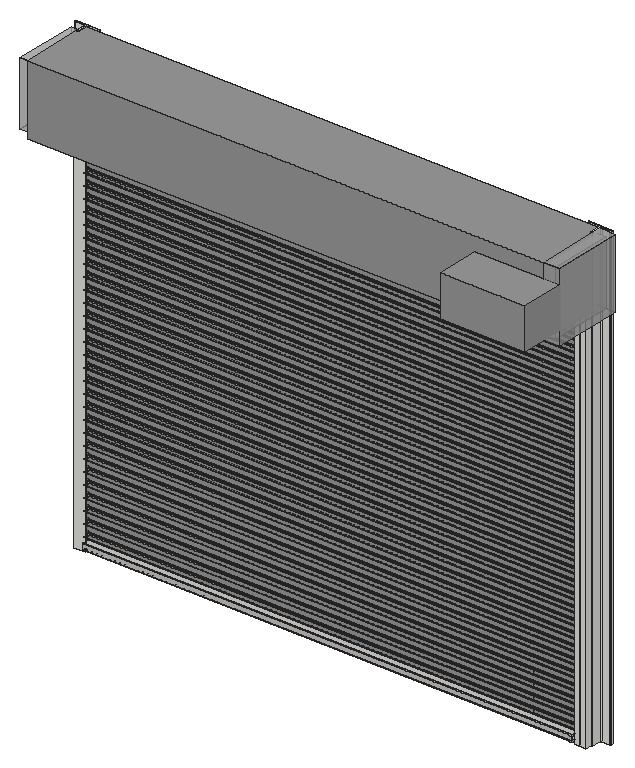
Revit family "Door-EntryDefender-FaceOfWallMount_Cornell_wTYPES", category Doors, host Wall, Revit 2016 (continued)
Types (14): name | Operator Right Side Horizontal OR | Operator Left Side Horizontal OR | Opening Height | Operator Right Side Top OR | Operator Left Side Top OR | Guide Height | E | Rough Height | URL | Operator on Right | Operator on Left | Height | B Coil Hood Depth | A Coil Hood Height | # Of Slats
  Model PED 0101 - 14' x 7' Opening | no | no | 7' - 0" | yes | no | 8' - 4" | 0' - 7 3/8" | 7' - 0 1/2" | "https://www.cornelliron.com/" | yes | no | 10' - 2" | 1' - 10" | 1' - 10" | 25
  Model PED 0101 - 14' x 13' Opening | no | no | 13' - 0" | yes | no | 14' - 0" | 0' - 7 3/8" | 13' - 0 1/2" | "https://www.cornelliron.com/" | yes | no | 16' - 2" | 2' - 2" | 2' - 2" | 42
  Model PED 0101 - 14' x 3' Opening | no | yes | 3' - 0" | no | no | 4' - 7" | 0' - 2 3/8" | 3' - 0 1/2" | "https://www.cornelliron.com/" | no | yes | 6' - 2" | 1' - 7" | 1' - 7" | 14
  Model PED 0101 - 14' x 4' Opening | yes | no | 4' - 0" | no | no | 5' - 6" | 0' - 7 3/8" | 4' - 0 1/2" | "https://www.cornelliron.com/" | yes | no | 7' - 2" | 1' - 8" | 1' - 8" | 17
  Model PED 0101 - 14' x 5' Opening | no | no | 5' - 0" | no | yes | 6' - 5" | 0' - 7 3/8" | 5' - 0 1/2" | "https://www.cornelliron.com/" | no | yes | 8' - 2" | 1' - 9" | 1' - 9" | 19
  Model PED 0101 - 14' x 6' Opening | no | no | 6' - 0" | yes | no | 7' - 4" | 0' - 7 3/8" | 6' - 0 1/2" | 0' - 0" | yes | no | 9' - 2" | 1' - 10" | 1' - 10" | 22
  Model PED 0101 - 14' x 8' Opening | no | yes | 8' - 0" | no | no | 9' - 3" | 0' - 7 3/8" | 8' - 0 1/2" | "https://www.cornelliron.com/" | no | yes | 11' - 2" | 1' - 11" | 1' - 11" | 28
  Model PED 0101 - 14' x 9' Opening | yes | no | 9' - 0" | no | no | 10' - 2" | 0' - 7 3/8" | 9' - 0 1/2" | "https://www.cornelliron.com/" | yes | no | 12' - 2" | 2' - 0" | 2' - 0" | 31
  Model PED 0101 - 14' x 11' Opening | no | no | 11' - 0" | no | yes | 12' - 1" | 0' - 7 3/8" | 11' - 0 1/2" | "https://www.cornelliron.com/" | no | yes | 14' - 2" | 2' - 1" | 2' - 1" | 36
  Model PED 0101 - 14' x 12' Opening | no | no | 12' - 0" | yes | no | 13' - 0" | 0' - 7 3/8" | 12' - 0 1/2" | "https://www.cornelliron.com/" | yes | no | 15' - 2" | 2' - 2" | 2' - 2" | 39
  Model PED 0101 - 14' x 14' Opening | no | yes | 14' - 0" | no | no | 14' - 10" | 0' - 7 3/8" | 14' - 0 1/2" | "https://www.cornelliron.com/" | no | yes | 17' - 2" | 2' - 4" | 2' - 4" | 45
  Model PED 0101 - 14' x 16' Opening | yes | no | 16' - 0" | no | no | 16' - 9" | 0' - 7 3/8" | 16' - 0 1/2" | "https://www.cornelliron.com/" | yes | no | 19' - 2" | 2' - 5" | 2' - 5" | 50
